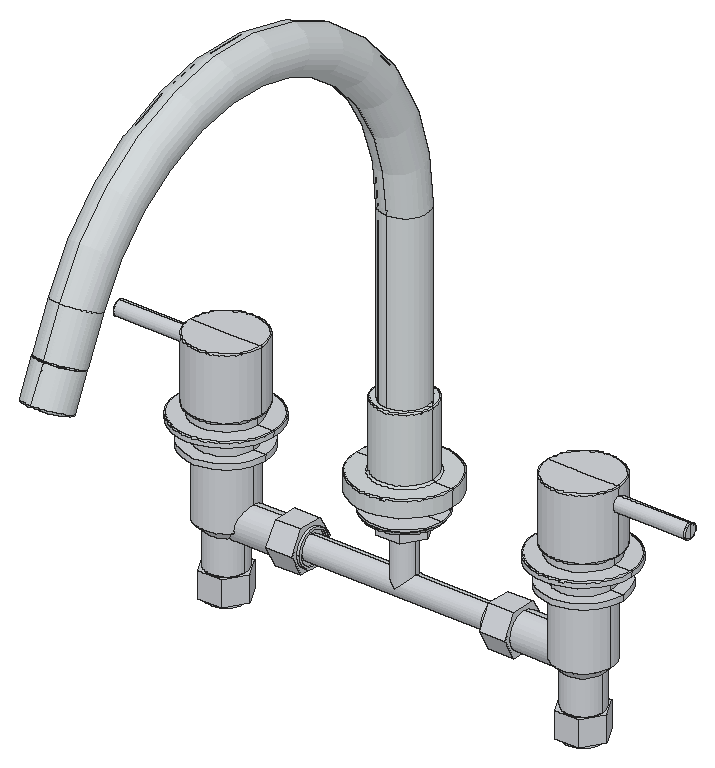
Revit family "Reece_Tap_Sussex_Scala_Curved_Spa Set", category Plumbing Fixtures, host Face, Revit 2018
Family settings
  Host = Face
  Round Connector Dimension = Use Diameter
  Part Type = Normal
  Cut with Voids When Loaded = No
  Shared = Yes
  Room Calculation Point = Yes
Parameters (values of type "250 mm_Brushed Nickel")
  WFU = 0  # constant formula
  URL = "https://www.reece.com.au/product/-2263253"
  Type Comments = "Tap"
  Reece_Tap_Reach = 250 mm  # constant formula
  Reece_Tap_Inlet = 12 mm  # constant formula
  Reece_Tap_Handle_Spacing [instance] = if(Reece_Tap_Axis Distance < 70 mm, 70 mm, if(Reece_Tap_Axis Distance > 70 mm, Reece_Tap_Axis Distance, Reece_Tap_Axis Distance))  # 100 mm
  Reece_Tap_Handle_Height = 43 mm  # constant formula
  Reece_Tap_Clearance = 150 mm  # constant formula
  Reece_Tap_Axis Distance [instance] = 100 mm
  Reece_Product_Web Page = "https://www.reece.com.au/product/-2263253"
  Reece_Product_Type = "Tap"  # constant formula
  Reece_Product_Sub Brand = "Scala"  # constant formula
  Reece_Product_Number = "2263253"
  Reece_Product_Mount = "Hob Mounted"
  Reece_Product_Description = "Sussex Scala Hob Spa Set Curved Brushed Nickel"
  Reece_Product_Brand = "Sussex"  # constant formula
  Reece_Overall_Height = 275 mm  # constant formula
  Reece_Overall_Diameter = 54 mm  # constant formula
  Reece_Material_Main = Reece_Brass_Brushed Nickel
  Reece_Detail_Shape = "Curved"  # constant formula
  Reece_Detail_Disclaimer = "THIS FILE IS THE PROPERTY OF THE REECE GROUP. IT MAY NOT BE REPRODUCED, REVERSE-ENGINEERED OR MODIFIED. ANY REPUBLICATION, TRANSMISSION OR DISTRIBUTION FOR THE PURPOSE OF COMMERCIALLY EXPLOITING THE FILES IS PROHIBITED."  # constant formula
  Reece_Detail_Additional = "Spa Set"  # constant formula
  Reece_Backplate_Thickness = 3 mm  # constant formula
  Model = "Scala"
  Manufacturer = "Sussex"
  Keynote = "Product #2263253, Reece_Tap_Sussex_Scala_Curved_Spa Set - 250 mm_Brushed Nickel"
  HWFU = 0  # constant formula
  Disclaimer = "THIS FILE IS THE PROPERTY OF THE REECE GROUP. IT MAY NOT BE REPRODUCED, REVERSE-ENGINEERED OR MODIFIED. ANY REPUBLICATION, TRANSMISSION OR DISTRIBUTION FOR THE PURPOSE OF COMMERCIALLY EXPLOITING THE FILES IS PROHIBITED."  # constant formula
  Description = "Scala Hob Spa Set Curved Brushed Nickel"
  Default Elevation = 1000 mm
  CWFU = 0  # constant formula
Types (4, lengths in mm): name | URL | Reece_Product_Web Page | Reece_Product_Number | Reece_Product_Description | Reece_Material_Main | Keynote | Description
  250 mm_PVD Brushed Platinum Gold | "https://www.reece.com.au/product/-2268275" | "https://www.reece.com.au/product/-2268275" | "2268275" | "Sussex Scala Hob Spa Set Curved LUX PVD Brushed Platinum Gold" | Reece_PVD_Brushed_Platinum Gold | "Product #2268275, Reece_Tap_Sussex_Scala_Curved_Spa Set - 250 mm_PVD Brushed Platinum Gold" | "Scala Hob Spa Set Curved LUX PVD Brushed Platinum Gold"
  250 mm_Chrome | "https://www.reece.com.au/product/-2261421" | "https://www.reece.com.au/product/-2261421" | "2261421" | "Sussex Scala Hob Spa Set Curved Chrome" | Reece_Brass_Chrome | "Product #2261421, Reece_Tap_Sussex_Scala_Curved_Spa Set - 250 mm_Chrome" | "Scala Hob Spa Set Curved Chrome"
  250 mm_Satin Chrome | "https://www.reece.com.au/product/-2261466" | "https://www.reece.com.au/product/-2261466" | "2261466" | "Sussex Scala Hob Spa Set Curved Satin Chrome" | Reece_Brass_Satin Chrome | "Product #2261466, Reece_Tap_Sussex_Scala_Curved_Spa Set - 250 mm_Satin Chrome" | "Scala Hob Spa Set Curved Satin Chrome"
  250 mm_Brushed Nickel | "https://www.reece.com.au/product/-2263253" | "https://www.reece.com.au/product/-2263253" | "2263253" | "Sussex Scala Hob Spa Set Curved Brushed Nickel" | Reece_Brass_Brushed Nickel | "Product #2263253, Reece_Tap_Sussex_Scala_Curved_Spa Set - 250 mm_Brushed Nickel" | "Scala Hob Spa Set Curved Brushed Nickel"
Reference planes
  plane 1 "Center (Front/Back)": y = 0
  plane 2 "Bottom": z = 0
  plane 3 "Center (Left/Right)": x = 0
  plane 4: x = 100
  plane 5: x = -100
  plane 6: z = 43
  plane 7: x = -73
  plane 8: x = -127
  plane 9: x = -27
  plane 10: x = 27
  plane 11: x = -9.5
  plane 12: x = 9.5
  plane 13: y = -27
  plane 14: z = 3
  plane 15: z = 150
  plane 16: y = -250
  plane 17: z = 275
Forms (mm)
  Revolve 1, void
    sketch origin (100, 0, 0) x (1, 0, 0) y (0, 0, 1)
      loop
        line (-100, 0) -> (-100, -25) -> (-88, -25) -> (-88, 0) -> (-100, 0)
      axis (-100, 0) -> (-100, -25)
    angle from 0 to 360
  Extrusion 2, void
    sketch origin (0, 60, 0) x (1, 0, 0) y (0, 1, 0)
      loop
        circle (-100, -60) r 15
    from -46.469 to 0
  Extrusion 3, void
    sketch origin (0, -20, 0) x (-1, 0, 0) y (0, -1, 0)
      loop
        circle (-100, -20) r 15
    from -46.469 to 0
  Sweep 4, solid, material "Reece_Brass_Brushed Nickel" <- "Reece_Material_Main"
    path origin (0, 0, -255.954) x (0, 1, 0) y (0, 0, 1)
      loop
        line (0, 299.515) -> (0, 398.089)
        arc (0, 398.089) -> (-94.497, 515.831) -> (-229.901, 449.057) r 120.6
        line (-229.901, 449.057) -> (-240.973, 425.312)
    profile origin (0, 0, 92.848) x (0, -1, 0) y (1, 0, 0)
      loop
        circle (0, 0) r 12.5
      loop
        circle (0, 0) r 11.5
  Revolve 5, solid, material "Reece_Brass_Brushed Nickel" <- "Reece_Material_Main"
    sketch origin (0, -168.103, 18.023) x (0, 0.906308, -0.422618) y (0, 0.422618, 0.906308)
      loop
        line (-130, 85) -> (-130, 106.625) -> (-141.58, 106.625) -> (-141.58, 105.625) -> (-142.486, 105.625) -> (-142.486, 85.5)
        arc (-142.486, 85.5) -> (-142.34, 85.146) -> (-141.986, 85) r 0.5
        line (-141.986, 85) -> (-140.994, 85) -> (-140.994, 85.906) -> (-139.807, 85.906) -> (-139.647, 85) -> (-130, 85)
      axis (-130, 106.625) -> (-130, 85)
    angle from 0 to 360
  Revolve 6, solid, material "Reece_Brass_Brushed Nickel" <- "Reece_Material_Main"
    sketch origin (0, 0, 0) x (1, 0, 0) y (0, 0, 1)
      loop
        arc (17.034, 9) -> (16.312, 9.299) -> (16.013, 10.021) r 1.021
        line (16.013, 10.021) -> (16.013, 45.5)
        arc (16.013, 45.5) -> (15.866, 45.854) -> (15.513, 46) r 0.5
        line (15.513, 46) -> (12.795, 46) -> (12.795, 43.561) -> (0, 43.561) -> (0, 0) -> (27, 0) -> (27, 8.5)
        arc (27, 8.5) -> (26.854, 8.854) -> (26.5, 9) r 0.5
        line (26.5, 9) -> (17.034, 9)
      axis (0, 0) -> (0, 46)
    angle from 0 to 360
  Revolve 7, solid
    sketch origin (-0.1, 0, -0.728) x (1, 0, 0) y (0, 0, 1)
      loop
        line (0, 5.835) -> (0, -47) -> (6.5, -47) -> (6.5, -11.7) -> (18.888, -11.7)
        arc (18.888, -11.7) -> (19.596, -11.407) -> (19.888, -10.7) r 1
        line (19.888, -10.7) -> (19.888, -9.6) -> (20.888, -9.6) -> (20.888, -8.742) -> (10, -8.742) -> (10, 5.835) -> (0, 5.835)
      axis (0, 5.835) -> (0, -47)
    angle from 0 to 360
  Revolve 8, solid
    sketch origin (-0.1, 0, -0.728) x (1, 0, 0) y (0, 0, 1)
      loop
        line (50.612, -47) -> (50.612, -40.5) -> (-66.612, -40.5) -> (-66.612, -37.123) -> (-99.259, -37.123) -> (-99.259, -47) -> (-70.103, -47) -> (50.612, -47)
      loop
        line (66.612, -37.123) -> (66.612, -47) -> (99.893, -47) -> (99.893, -37.123) -> (66.612, -37.123)
      axis (99.893, -47) -> (-99.259, -47)
    angle from 0 to 360
  Extrusion 9, solid
    sketch origin (-121.711, -0.379, -50.609) x (0, 1, 0) y (0, 0, 1)
      loop
        line (-12.921, 2.881) -> (-6.271, -8.637) -> (7.029, -8.637) -> (13.679, 2.881) -> (7.029, 14.399) -> (-6.271, 14.399) -> (-12.921, 2.881)
    from 55 to 69
  Extrusion 10, solid
    sketch origin (-52.711, -0.379, -50.609) x (0, 1, 0) y (0, 0, 1)
      loop
        circle (0.379, 2.881) r 10
      loop
        circle (0.379, 2.881) r 9
    from 0 to 2
  Revolve 11, solid
    sketch origin (-4.846, 0, -0.728) x (1, 0, 0) y (0, 0, 1)
      loop
        line (-110.559, -12.6) -> (-110.559, -48.588) -> (-105.61, -53.538) -> (-105.61, -72.919) -> (-104.007, -74.52) -> (-95, -74.52) -> (-95, 22.835) -> (-105, 22.835) -> (-105, 0.835) -> (-110.559, -2.375) -> (-110.559, -9.6) -> (-117.347, -9.6) -> (-117.347, -12.6) -> (-110.559, -12.6)
      axis (-95, 22.835) -> (-95, -74.52)
    angle from 0 to 360
  Extrusion 12, solid
    sketch origin (-104.846, 0, -73.647) x (0, 1, 0) y (1, 0, 0)
      loop
        line (0.001, 18.3) -> (-11.518, 11.65) -> (-11.518, -1.65) -> (0.001, -8.3) -> (11.519, -1.65) -> (11.519, 11.65) -> (0.001, 18.3)
    from 0 to 14
  Extrusion 13, solid
    sketch origin (-104.846, 0, -87.647) x (-1, 0, 0) y (0, 1, 0)
      loop
        circle (-5, 0.001) r 10
      loop
        circle (-5, 0.001) r 9
    from 0 to 2
  Extrusion 14, solid
    sketch origin (105.155, 0, -73.647) x (0, 1, 0) y (1, 0, 0)
      loop
        line (0.001, 8.3) -> (-11.518, 1.65) -> (-11.518, -11.65) -> (0.001, -18.3) -> (11.519, -11.65) -> (11.519, 1.65) -> (0.001, 8.3)
    from 0 to 14
  Extrusion 15, solid
    sketch origin (105.155, 0, -87.647) x (-1, 0, 0) y (0, 1, 0)
      loop
        circle (5, 0.001) r 10
      loop
        circle (5, 0.001) r 9
    from 0 to 2
  Extrusion 16, solid
    sketch origin (57.512, -0.379, -50.609) x (0, 1, 0) y (0, 0, 1)
      loop
        line (-12.921, 2.881) -> (-6.271, -8.637) -> (7.029, -8.637) -> (13.679, 2.881) -> (7.029, 14.399) -> (-6.271, 14.399) -> (-12.921, 2.881)
    from -5 to 9
  Extrusion 17, solid
    sketch origin (52.512, -0.379, -50.609) x (0, -1, 0) y (0, 0, 1)
      loop
        circle (-0.379, 2.881) r 10
      loop
        circle (-0.379, 2.881) r 9
    from 0 to 2
  Revolve 18, solid
    sketch origin (5.154, 0, -0.728) x (-1, 0, 0) y (0, 0, -1)
      loop
        line (-110.559, 12.6) -> (-117.347, 12.6) -> (-117.347, 9.6) -> (-110.559, 9.6) -> (-110.559, 2.375) -> (-105, -0.835) -> (-105, -22.835) -> (-95, -22.835) -> (-95, 74.52) -> (-104.007, 74.52) -> (-105.61, 72.919) -> (-105.61, 53.538) -> (-110.559, 48.588) -> (-110.559, 12.6)
      axis (-95, -22.835) -> (-95, 74.52)
    angle from 0 to 360
  Extrusion 19, solid
    sketch origin (-0.1, 0, -12.428) x (0, 1, 0) y (1, 0, 0)
      loop
        line (0.001, 13.3) -> (-11.518, 6.65) -> (-11.518, -6.65) -> (0.001, -13.3) -> (11.519, -6.65) -> (11.519, 6.65) -> (0.001, 13.3)
    from 0 to 8.3
Cuts and joins
  joined: Revolve 7, Revolve 8, Revolve 11, Revolve 18
Text (mm)
  text "Reece Copyright © 2018, Reece Ltd." at (-168.326, -191.773, 0), in view "Ref. Level"
  text "Reece ©" at (44.384, 258.95, 192.345), in view "Reece Preview"
Dimensions and locks
  equal spacing: plane 5, plane 3 "Center (Left/Right)", plane 4
  plane 5 to plane 4 = 200 mm
  "Reece_Tap_Handle_Height": plane 6 to plane 2 "Bottom"
  "Reece_Overall_Diameter": plane 8 to plane 7
  equal spacing: plane 8, plane 5, plane 7
  "Reece_Overall_Diameter": plane 9 to plane 10
  "Reece_Tap_Handle_Spacing": plane 5 to plane 3 "Center (Left/Right)"
  "Reece_Tap_Handle_Spacing": plane 3 "Center (Left/Right)" to plane 4
  plane 11 to plane 12 = 19 mm
  "Reece_Backplate_Thickness": plane 14 to plane 2 "Bottom"
  "Reece_Tap_Clearance": plane 15 to plane 2 "Bottom"
  nested 2 to nested 2 = 80 mm
  nested 1 to nested 1 = 40 mm
  "Reece_Tap_Reach": plane 1 "Center (Front/Back)" to plane 16
  "Reece_Overall_Height": plane 17 to plane 2 "Bottom"
  aligned and locked: plane 2 "Bottom" to host face
  aligned and locked: level to host face
  aligned and locked: nested 1 to plane 4
  aligned and locked: plane 1 "Center (Front/Back)" to nested 1
  aligned and locked: plane 5 to nested 2
  aligned and locked: nested 2 to plane 1 "Center (Front/Back)"
Automatic sketch dimensions
  host sketch curve to host sketch curve = 418.755 mm
  host sketch curve to host sketch curve = 277.121 mm
  Revolve 1 sketch curve to level = 0 mm
  Revolve 1 sketch curve to plane 3 "Center (Left/Right)" = 0 mm  (x2)
  plane 12 to Revolve 1 sketch curve = 2.5 mm
  Revolve 1 sketch curve to Revolve 1 sketch curve = 25 mm
  Revolve 1 sketch curve to Revolve 1 sketch curve = 10 mm
  Revolve 1 sketch curve to Revolve 1 sketch curve = 40 mm
  plane 1 "Center (Front/Back)" to Extrusion 2 sketch curve = 0 mm
  Extrusion 2 sketch curve to plane 5 = 0 mm
  plane 1 "Center (Front/Back)" to Extrusion 3 sketch curve = 0 mm
  Extrusion 3 sketch curve to plane 4 = 0 mm
  Sweep 4 sketch curve to plane 1 "Center (Front/Back)" = 0 mm
  Sweep 4 sketch curve to plane 15 = 7.865 mm
  Sweep 4 sketch curve to plane 13 = 93.6 mm
  Sweep 4 sketch curve to plane 16 = 20.099 mm
  Sweep 4 sketch curve to plane 16 = 9.027 mm
  plane 6 to Sweep 4 sketch curve = 0.561 mm
  plane 15 to Sweep 4 sketch curve = 19.358 mm
  Sweep 4 sketch curve to Sweep 4 sketch curve = 0 mm  (x2)
  Sweep 4 sketch curve to profile plane = 0 mm  (x2)
  Revolve 5 sketch curve to plane 15 = 0 mm
  Revolve 5 sketch curve to plane 16 = 0 mm
  Revolve 5 sketch curve to Revolve 5 sketch curve = 9.647 mm
  Revolve 5 sketch curve to Revolve 5 sketch curve = 0.16 mm
  Revolve 5 sketch curve to Revolve 5 sketch curve = 1.188 mm
  Revolve 5 sketch curve to Revolve 5 sketch curve = 11.58 mm
  Revolve 5 sketch curve to Revolve 5 sketch curve = 0.992 mm
  Revolve 5 sketch curve to Revolve 5 sketch curve = 0.5 mm
  Revolve 5 sketch curve to Revolve 5 sketch curve = 0 mm  (x2)
  Revolve 5 sketch curve to Revolve 5 sketch curve = 0.906 mm
  Revolve 5 sketch curve to Revolve 5 sketch curve = 19.719 mm
  Revolve 5 sketch curve to Revolve 5 sketch curve = 1 mm
  Revolve 5 sketch curve to Revolve 5 sketch curve = 17 mm
  Revolve 5 sketch curve to Revolve 5 sketch curve = 11.375 mm
  Revolve 6 sketch curve to plane 3 "Center (Left/Right)" = 0 mm  (x2)
  plane 10 to Revolve 6 sketch curve = 0 mm
  Revolve 6 sketch curve to level = 0 mm
  plane 6 to Revolve 6 sketch curve = 0.561 mm
  plane 12 to Revolve 6 sketch curve = 3.295 mm
  Revolve 6 sketch curve to Revolve 6 sketch curve = 2.718 mm
  Revolve 6 sketch curve to Revolve 6 sketch curve = 0.5 mm  (x2)
  Revolve 6 sketch curve to Revolve 6 sketch curve = 1.021 mm
  plane 14 to Revolve 6 sketch curve = 5.5 mm
  plane 6 to Revolve 6 sketch curve = 2.5 mm
  Revolve 6 sketch curve to Revolve 6 sketch curve = 7.23 mm
  Revolve 6 sketch curve to Revolve 6 sketch curve = 12.77 mm
  Revolve 7 sketch curve to plane 3 "Center (Left/Right)" = 0.1 mm  (x2)
  Revolve 7 sketch curve to plane 12 = 3.1 mm
  plane 12 to Revolve 7 sketch curve = 0.4 mm
  plane 10 to Revolve 7 sketch curve = 8.211 mm
  Revolve 7 sketch curve to Revolve 7 sketch curve = 1 mm  (x2)
  Revolve 7 sketch curve to level = 47.728 mm
  Revolve 7 sketch curve to level = 12.428 mm
  Revolve 7 sketch curve to Revolve 7 sketch curve = 1.1 mm
  Revolve 7 sketch curve to Revolve 7 sketch curve = 2.958 mm
  plane 14 to Revolve 7 sketch curve = 2.107 mm
  Revolve 7 sketch curve to Revolve 7 sketch curve = 9.761 mm
  Revolve 7 sketch curve to Revolve 7 sketch curve = 17.404 mm
  Revolve 8 sketch curve to plane 5 = 0.641 mm
  Revolve 8 sketch curve to plane 7 = 2.797 mm
  Revolve 8 sketch curve to plane 7 = 6.289 mm
  Revolve 8 sketch curve to plane 10 = 23.512 mm
  Revolve 8 sketch curve to Revolve 8 sketch curve = 16 mm
  Revolve 8 sketch curve to plane 4 = 0.207 mm
  Revolve 8 sketch curve to level = 47.728 mm  (x2)
  Revolve 8 sketch curve to Revolve 8 sketch curve = 6.5 mm
  Revolve 8 sketch curve to Revolve 8 sketch curve = 3.377 mm
  Revolve 8 sketch curve to Revolve 8 sketch curve = 9.877 mm
  plane 8 to Revolve 8 sketch curve = 3.1 mm
  plane 4 to Revolve 8 sketch curve = 24.9 mm
  Revolve 8 sketch curve to Revolve 8 sketch curve = 0 mm
  plane 1 "Center (Front/Back)" to Extrusion 9 sketch curve = 13.3 mm
  plane 1 "Center (Front/Back)" to Extrusion 9 sketch curve = 6.65 mm  (x2)
  Extrusion 9 sketch curve to plane 1 "Center (Front/Back)" = 6.65 mm  (x2)
  Extrusion 9 sketch curve to plane 1 "Center (Front/Back)" = 13.3 mm
  Extrusion 9 sketch curve to level = 59.246 mm
  Extrusion 9 sketch curve to Extrusion 9 sketch curve = 11.518 mm  (x3)
  Extrusion 10 sketch curve to Extrusion 10 sketch curve = 0 mm  (x2)
  Extrusion 10 sketch curve to Extrusion 9 = 11.518 mm  (x2)
  Revolve 11 sketch curve to plane 8 = 4.807 mm
  Revolve 11 sketch curve to Revolve 11 sketch curve = 6.788 mm  (x2)
  Revolve 11 sketch curve to level = 3.103 mm
  Revolve 11 sketch curve to Revolve 11 sketch curve = 4.95 mm  (x2)
  level to Revolve 11 sketch curve = 0.107 mm
  Revolve 11 sketch curve to Revolve 11 sketch curve = 5.559 mm
  Revolve 11 sketch curve to Revolve 11 sketch curve = 1.602 mm
  Revolve 11 sketch curve to plane 5 = 0.154 mm  (x2)
  Revolve 11 sketch curve to Revolve 11 sketch curve = 7.226 mm
  Revolve 11 sketch curve to Revolve 11 sketch curve = 3 mm
  Revolve 11 sketch curve to Revolve 11 sketch curve = 35.988 mm
  Revolve 11 sketch curve to Revolve 11 sketch curve = 19.382 mm
  Revolve 11 sketch curve to Revolve 11 sketch curve = 1.601 mm
  Revolve 11 sketch curve to Revolve 11 sketch curve = 0 mm
  plane 14 to Revolve 11 sketch curve = 19.107 mm
  Revolve 11 sketch curve to Revolve 11 sketch curve = 38.18 mm
  Revolve 11 sketch curve to plane 15 = 28.428 mm
  plane 1 "Center (Front/Back)" to Extrusion 12 sketch curve = 11.518 mm
  Extrusion 12 sketch curve to plane 1 "Center (Front/Back)" = 0.001 mm  (x2)
  Extrusion 12 sketch curve to plane 1 "Center (Front/Back)" = 11.519 mm
  Extrusion 12 sketch curve to plane 5 = 13.454 mm
  Extrusion 12 sketch curve to plane 5 = 6.804 mm  (x2)
  plane 5 to Extrusion 12 sketch curve = 6.496 mm  (x2)
  plane 5 to Extrusion 12 sketch curve = 13.146 mm
  Extrusion 13 sketch curve to Extrusion 13 sketch curve = 0 mm  (x2)
  Extrusion 12 to Extrusion 13 sketch curve = 11.518 mm  (x2)
  plane 1 "Center (Front/Back)" to Extrusion 14 sketch curve = 11.518 mm
  Extrusion 14 sketch curve to plane 1 "Center (Front/Back)" = 0.001 mm  (x2)
  Extrusion 14 sketch curve to plane 1 "Center (Front/Back)" = 11.519 mm
  plane 4 to Extrusion 14 sketch curve = 13.454 mm
  plane 4 to Extrusion 14 sketch curve = 6.804 mm  (x2)
  Extrusion 14 sketch curve to plane 4 = 6.496 mm  (x2)
  Extrusion 14 sketch curve to plane 4 = 13.146 mm
  Extrusion 15 sketch curve to Extrusion 15 sketch curve = 0 mm  (x2)
  Extrusion 15 sketch curve to plane 1 "Center (Front/Back)" = 0.001 mm
  plane 4 to Extrusion 15 sketch curve = 0.154 mm
  plane 1 "Center (Front/Back)" to Extrusion 16 sketch curve = 13.3 mm
  plane 1 "Center (Front/Back)" to Extrusion 16 sketch curve = 6.65 mm  (x2)
  Extrusion 16 sketch curve to plane 1 "Center (Front/Back)" = 6.65 mm  (x2)
  Extrusion 16 sketch curve to plane 1 "Center (Front/Back)" = 13.3 mm
  Extrusion 16 sketch curve to level = 59.246 mm
  Extrusion 16 sketch curve to Extrusion 16 sketch curve = 11.518 mm  (x3)
  Extrusion 17 sketch curve to Extrusion 17 sketch curve = 0 mm  (x2)
  Extrusion 17 sketch curve to Extrusion 16 = 11.518 mm  (x2)
  plane 4 to Revolve 18 sketch curve = 22.501 mm
  Revolve 18 sketch curve to Revolve 18 sketch curve = 6.788 mm  (x2)
  Revolve 18 sketch curve to level = 3.103 mm
  Revolve 18 sketch curve to Revolve 18 sketch curve = 4.95 mm  (x2)
  level to Revolve 18 sketch curve = 0.107 mm
  Revolve 18 sketch curve to Revolve 18 sketch curve = 5.559 mm
  Revolve 18 sketch curve to Revolve 18 sketch curve = 1.602 mm
  plane 4 to Revolve 18 sketch curve = 0.154 mm  (x2)
  plane 14 to Revolve 18 sketch curve = 19.107 mm
  Revolve 18 sketch curve to Revolve 18 sketch curve = 7.226 mm
  Revolve 18 sketch curve to Revolve 18 sketch curve = 3 mm
  Revolve 18 sketch curve to Revolve 18 sketch curve = 35.988 mm
  Revolve 18 sketch curve to Revolve 18 sketch curve = 19.382 mm
  Revolve 18 sketch curve to Revolve 18 sketch curve = 1.601 mm
  Revolve 18 sketch curve to Revolve 18 sketch curve = 0 mm
  Revolve 18 sketch curve to plane 15 = 28.428 mm
  Revolve 18 sketch curve to Revolve 18 sketch curve = 38.18 mm
  Extrusion 19 sketch curve to plane 12 = 2.95 mm  (x2)
  plane 1 "Center (Front/Back)" to Extrusion 19 sketch curve = 11.518 mm
  Extrusion 19 sketch curve to plane 1 "Center (Front/Back)" = 0.001 mm  (x2)
  Extrusion 19 sketch curve to plane 1 "Center (Front/Back)" = 11.519 mm
  plane 12 to Extrusion 19 sketch curve = 3.7 mm
  Extrusion 19 sketch curve to plane 11 = 2.75 mm  (x2)
  plane 11 to Extrusion 19 sketch curve = 3.9 mm
  radius of Extrusion 2 sketch curve = 15 mm
  radius of Extrusion 3 sketch curve = 15 mm
  radius of Sweep 4 sketch curve = 12.5 mm
  radius of Sweep 4 sketch curve = 11.5 mm
  radius of Extrusion 10 sketch curve = 10 mm
  radius of Extrusion 10 sketch curve = 9 mm
  radius of Extrusion 13 sketch curve = 10 mm
  radius of Extrusion 13 sketch curve = 9 mm
  radius of Extrusion 15 sketch curve = 10 mm
  radius of Extrusion 15 sketch curve = 9 mm
  radius of Extrusion 17 sketch curve = 10 mm
  radius of Extrusion 17 sketch curve = 9 mm
Nested families
  nested 1: "Reece_Tap_Sussex_Scala_Set_Mixer_Nested" at (100, 0, 0) x (0, -1, 0) z (0, 0, 1), Reece_Material_Main <- "Reece_Material_Main", Reece_Backplate_Thickness <- "Reece_Backplate_Thickness", Reece_Tap_Handle_Height <- "Reece_Tap_Handle_Height", type "Reece_Tap_Sussex_Scala_Set_Mixer_Nested"
    with Reece_Tap_Handle_Height 43 mm, Reece_Material_Main Reece_Brass_Brushed Nickel, Reece_Backplate_Thickness 3 mm
  nested 2: "Reece_Tap_Sussex_Scala_Set_Mixer_Nested" at (-100, 0, 0) x (0, -1, 0) z (0, 0, 1), Reece_Material_Main <- "Reece_Material_Main", Reece_Backplate_Thickness <- "Reece_Backplate_Thickness", Reece_Tap_Handle_Height <- "Reece_Tap_Handle_Height", type "Reece_Tap_Sussex_Scala_Set_Mixer_Nested"
    with Reece_Tap_Handle_Height 43 mm, Reece_Material_Main Reece_Brass_Brushed Nickel, Reece_Backplate_Thickness 3 mm
Connectors
  piping at (100.154, 0.001, -89.647), diameter 12, driven by "Reece_Tap_Inlet"
    settings: on Extrusion 15, index 1, connector inside diameter 609.6 mm, connector length 0 mm, flow factor 0, pipe flow 0.0 L/s, pressure drop 0.0 Pa, fitting loss kfactor 0, connector angle 0.00°, fixture units 0, engagement length 0 mm, angle of deflection 0.00°, flow configuration 0, flow direction 0, fitting loss method 0, system type 7, joint type 0, gender type 0, connector reference index -1, connector utility 0, adjustable connector no, is connector primary yes, connector description ""
  piping at (-99.846, 0.001, -89.647), diameter 12, driven by "Reece_Tap_Inlet"
    settings: on Extrusion 13, index 2, connector inside diameter 609.6 mm, connector length 0 mm, flow factor 0, pipe flow 0.0 L/s, pressure drop 0.0 Pa, fitting loss kfactor 0, connector angle 0.00°, fixture units 0, engagement length 0 mm, angle of deflection 0.00°, flow configuration 0, flow direction 1, fitting loss method 0, system type 29, joint type 0, gender type 0, connector reference index -1, connector utility 0, adjustable connector no, is connector primary no, connector description ""
Definition of nested family "Reece_Tap_Sussex_Scala_Set_Mixer_Nested"
  Parameters (values of type "Reece_Tap_Sussex_Scala_Set_Mixer_Nested")
    Waste Connection = no
    WFU = 0
    Vent Connection = no
    URL = ""
    Type Comments = ""
    Reece_Tap_Handle_Height [instance] = 45 mm
    Reece_Material_Main [instance] = none
    Reece_Backplate_Thickness [instance] = 3 mm
    Model = ""
    Manufacturer = ""
    Keynote = ""
    HWFU = 0
    HW Connection = no
    Description = ""
    Default Elevation = 0 mm
    Cost = 0
    CWFU = 0
    CW Connection = no
    Assembly Code = ""
  Reference planes
    plane 1 "Center (Front/Back)": y = 0
    plane 2 "Bottom": z = 0
    plane 3 "Center (Left/Right)": x = 0
    plane 4: y = -27
    plane 5: y = 27
    plane 6: y = -20
    plane 7: y = 20
    plane 8: z = 36.5
    plane 9: x = -27
    plane 10: x = 27
    plane 11: y = 60
    plane 12: z = 45
    plane 13: z = 3
  Forms (mm)
    Extrusion 1, solid
      sketch origin (619.2, -619.2, 0) x (1, 0, 0) y (0, 1, 0)
        loop
          line (-809.2, 779.2) -> (-809.2, 461.779) -> (-428.415, 461.779) -> (-428.415, 779.2) -> (-809.2, 779.2)
      from 0 to -9.564
    Revolve 2, solid, material <- "Reece_Material_Main"
      sketch origin (0, 0, 0) x (0, 1, 0) y (0, 0, 1)
        loop
          line (0, 0) -> (0, 45) -> (-19.5, 45)
          arc (-19.5, 45) -> (-19.854, 44.854) -> (-20, 44.5) r 0.5
          line (-20, 44.5) -> (-20, 8.5)
          arc (-20, 8.5) -> (-19.854, 8.146) -> (-19.5, 8) r 0.5
          line (-19.5, 8) -> (-17.75, 8) -> (-17.75, 3) -> (-26.5, 3)
          arc (-26.5, 3) -> (-26.854, 2.854) -> (-27, 2.5) r 0.5
          line (-27, 2.5) -> (-27, 0) -> (0, 0)
        axis (0, 45) -> (0, 0)
      angle from 0 to 360
    Revolve 3, solid, material <- "Reece_Material_Main"
      sketch origin (0, 0, 0) x (0, -1, 0) y (0, 0, -1)
        loop
          line (0, -36.5) -> (-60, -36.5) -> (-60, -40)
          arc (-60, -40) -> (-59.854, -40.354) -> (-59.5, -40.5) r 0.5
          line (-59.5, -40.5) -> (0, -40.5) -> (0, -36.5)
        axis (0, -36.5) -> (-60, -36.5)
      angle from 0 to 360
  Cuts and joins
    joined: Revolve 2, Revolve 3
  Text (mm)
    text "Reece Copyright © 2018, Reece Ltd." at (-1403.988, -1192.393, 0), in view "Ref. Level"
    text "Reece ©" at (44.384, 258.95, 192.345), in view "Reece Preview"
  Dimensions and locks
    locked: plane 12 to plane 8 at 8.5
    "Reece_Backplate_Thickness": plane 13 to plane 2 "Bottom"
    "Reece_Tap_Handle_Height": plane 12 to plane 2 "Bottom"
    plane 11 to plane 6 = 80 mm
    aligned and locked: plane 2 "Bottom" to Extrusion 1
    aligned and locked: level to Extrusion 1
    aligned and locked: Revolve 2 sketch curve to plane 12
    aligned and locked: plane 13 to Revolve 2 sketch curve
  Automatic sketch dimensions
    Extrusion 1 sketch curve to Extrusion 1 sketch curve = 380.785 mm
    Extrusion 1 sketch curve to Extrusion 1 sketch curve = 317.421 mm
    plane 8 to Revolve 3 sketch curve = 0 mm
    Revolve 3 sketch curve to plane 11 = 0 mm
    Revolve 3 sketch curve to plane 8 = 0 mm
    Revolve 3 sketch curve to plane 1 "Center (Front/Back)" = 0 mm
    plane 11 to Revolve 3 sketch curve = 0.5 mm
    plane 8 to Revolve 3 sketch curve = 3.5 mm
    Revolve 3 sketch curve to plane 1 "Center (Front/Back)" = 5 mm
    Revolve 3 sketch curve to Revolve 3 sketch curve = 5 mm
    level to Revolve 2 sketch curve = 0 mm
    Revolve 2 sketch curve to plane 4 = 0 mm
    Revolve 2 sketch curve to plane 6 = 0 mm
    Revolve 2 sketch curve to plane 1 "Center (Front/Back)" = 0 mm  (x2)
    plane 4 to Revolve 2 sketch curve = 0.5 mm
    Revolve 2 sketch curve to Revolve 2 sketch curve = 0.5 mm  (x2)
    Revolve 2 sketch curve to Revolve 2 sketch curve = 1.75 mm
    Revolve 2 sketch curve to Revolve 2 sketch curve = 5 mm
    Revolve 2 sketch curve to level = 20 mm
    plane 13 to Revolve 2 sketch curve = 10 mm
